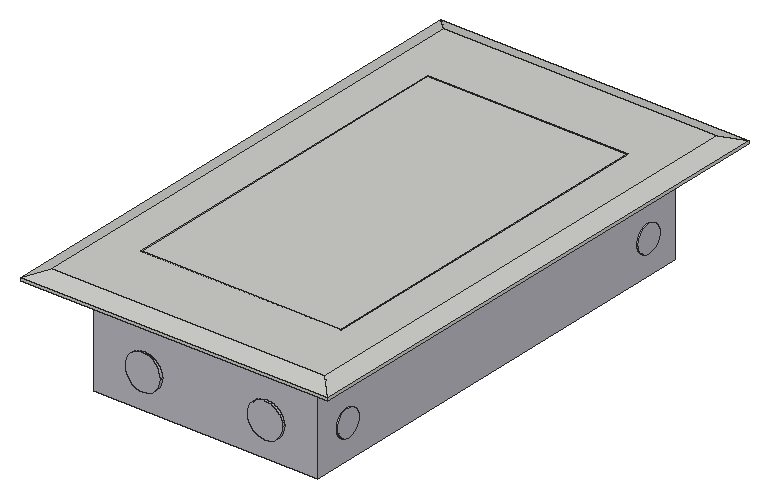
Revit family "Electrical_Equipment-Floor_Box-Hubbell_Wiring-2_Gang_AFB_Shallow-AFB2G25", category Electrical Fixtures, host Face, Revit 2015
Parameters (values of type "AFB2G25")
  URL = "http://www.hubbell-wiring.com/"
  Product data url = "https://bimobject.com/hubbellwiring/product/hubbell-afb2g25"
  Product Page URL = "http://ecatalog.hubbell-wiring.com/productinformation/viewcatalog.aspx?Dest=hubbell-wiring.com/press/catalog/O.pdf"
  Product Documentation Link = "http://www.hubbell-wiring.com/DrawingLibrary.aspx/"
  Model = "AFB2G25"  # constant formula
  Manufacturer = "Hubbell-Wiring"  # constant formula
  Device Plate 2 [instance] = Device Plate : FBMP139 - Simplex / 20A - 1.39" circular opening
  Device Plate 1 [instance] = Device Plate : FBMP15IM - Two 1.5U iStation opening
  Description = "2 Gang AFB Floor Box Shallow"  # constant formula
  Default Elevation = 0.00"
  Cover Type [instance] = 2AFBFF : 2GAFBFFCVRNK - Nickel
  Conduit Connector_9 Description = "Conduit 0.75in. or 0.5in. Connection"
  Conduit Connector_8 Description = "Conduit 0.75in. or 0.5in. Connection"
  Conduit Connector_7 Description = "Conduit 0.75in. or 0.5in. Connection"
  Conduit Connector_6 Description = "Conduit 0.75in. or 0.5in. Connection"
  Conduit Connector_5 Description = "Conduit 0.75in. or 0.5in. Connection"
  Conduit Connector_4 Description = "Conduit 1.0in. or 0.75in. Connection"
  Conduit Connector_3 Description = "Conduit 1.0in. or 0.75in. Connection"
  Conduit Connector_2 Description = "Conduit 1.0in. or 0.75in. Connection"
  Conduit Connector_10 Description = "Conduit 0.75in. or 0.5in. Connection"
  Conduit Connector_1 Description = "Conduit 1.0in. or 0.75in. Connection"
  Conduit Connector 2 Radius = 0.38"
  Conduit Connector 1 Radius = 0.50"
  Box Material = Metal - Hubbell - Steel
  Assembly Code = "D5020115"
Reference planes (in)
  plane 1 "Center (Front/Back)": y = 0
  plane 2: z = 0
  plane 3 "Center (Left/Right)": x = 0
  plane 4: y = -6.33661
  plane 5: y = 6.33661
  plane 6: x = -3.31
  plane 7: x = 3.31
  plane 8: z = -0.125
  plane 9: z = -2.8189
  plane 10: y = -7.03937
  plane 11: y = 7.03937
  plane 12: x = -2.34646
  plane 13: x = 2.34646
  plane 14: z = -0.02657
  plane 15: z = 0.06299
  plane 16: y = 6.27362
  plane 17: z = 0.06299
  plane 18: x = -3.185
  plane 19: x = 3.185
  plane 20: x = -3.04134
  plane 21: x = 3.04134
  plane 22: y = 5.27953
  plane 23: y = -5.27953
  plane 24: z = -0.07373
  plane 25: y = 6.00591
  plane 26: y = -6.00591
  plane 27: z = -2.6939
  plane 28: y = -6.39911
  plane 29: y = 6.39911
  plane 30: x = -1.7352
  plane 31: z = -1.8189
  plane 32: x = 1.7352
  plane 33: x = -1.7352
  plane 34: z = -1.8189
  plane 35: x = 1.7352
  plane 36: y = 5.33661
  plane 37: y = -5.33661
  plane 38: z = -1.8189
  plane 39: y = 5.24
  plane 40: y = -5.24
  plane 41: z = -2.8814
  plane 42: x = -3.185
  plane 43: x = 3.185
  plane 44: x = -3.2475
  plane 45: x = 3.2475
  plane 46: y = 5.33661
  plane 47: y = -5.33661
  plane 48: z = -1.8189
  plane 49: y = 6.27362
  plane 50: y = -6.27362
Forms (in)
  Extrusion 1, void, detail levels fine
    sketch origin (0, 0, 0) x (1, 0, 0) y (0, 1, 0)
      loop
        line (-3.31, 6.33661) -> (-3.31, -6.33661) -> (3.31, -6.33661) -> (3.31, 6.33661) -> (-3.31, 6.33661)
    from 0 to -2.8189
  Extrusion 2, solid, material "Metal - Hubbell - Steel" <- "Box Material"
    sketch origin (0, 0, 0) x (1, 0, 0) y (0, 1, 0)
      loop
        line (-3.185, 6.33661) -> (-3.185, -6.33661) -> (3.185, -6.33661) -> (3.185, 6.33661) -> (-3.185, 6.33661)
    from -0.125 to -2.8189
  Extrusion 3, solid, material "Metal - Hubbell - Steel" <- "Box Material"
    sketch origin (0, 0, 0) x (1, 0, 0) y (0, 1, 0)
      loop
        line (-3.31, 6.27362) -> (-3.31, -6.27362) -> (3.31, -6.27362) -> (3.31, 6.27362) -> (-3.31, 6.27362)
    from -0.125 to -0.02657
  Extrusion 4, solid, material "Metal - Hubbell - Steel" <- "Box Material"
    sketch origin (0, 0, 0) x (0, 1, 0) y (0, 0, 1)
      loop
        line (7.03937, 0.06299) -> (6.27362, 0.06299) -> (6.27362, -0.125) -> (6.33661, -0.125) -> (6.33661, 0) -> (7.03937, 0) -> (7.03937, 0.06299)
    from -2.34646 to 2.34646
  Extrusion 5, solid, material "Metal - Hubbell - Steel" <- "Box Material"
    sketch origin (0, 0, 0) x (0, -1, 0) y (0, 0, -1)
      loop
        line (7.03937, -0.06299) -> (7.03937, 0) -> (6.33661, 0) -> (6.33661, 0.125) -> (6.27362, 0.125) -> (6.27362, -0.06299) -> (7.03937, -0.06299)
    from -2.34646 to 2.34646
  Extrusion 6, void
    sketch origin (0, 0, 0) x (1, 0, 0) y (0, 1, 0)
      loop
        line (-3.04134, 5.27953) -> (-3.04134, -5.27953) -> (3.04134, -5.27953) -> (3.04134, 5.27953) -> (-3.04134, 5.27953)
    from 0 to -0.07373
  Extrusion 7, void
    sketch origin (0, 0, 0) x (1, 0, 0) y (0, 1, 0)
      loop
        circle (0, 0) r 0.98425
    from 0 to -0.125
  Extrusion 8, void
    sketch origin (-20.33156, -180, -0.125) x (0, -1, 0) y (-1, 0, 0)
      loop
        line (-186.00591, -17.29023) -> (-186.00591, -23.3729) -> (-173.99409, -23.3729) -> (-173.99409, -17.29023) -> (-186.00591, -17.29023)
    from -0.125 to 2.5689
  Extrusion 9, solid, material "Metal - Hubbell - Steel" <- "Box Material", detail levels medium+fine
    sketch origin (-6.04568, -6.33661, 48) x (-1, 0, 0) y (0, 0, 1)
      loop
        circle (-4.31048, -49.8189) r 0.5
      loop
        circle (-7.78088, -49.8189) r 0.5
    from 0 to -0.0625
  Extrusion 10, solid, material "Metal - Hubbell - Steel" <- "Box Material", detail levels medium+fine
    sketch origin (-6.04568, 6.33661, 48) x (-1, 0, 0) y (0, 0, -1)
      loop
        circle (-4.31048, 49.8189) r 0.5
      loop
        circle (-7.78088, 49.8189) r 0.5
    from 0 to -0.0625
  Extrusion 11, solid, material "Metal - Hubbell - Steel" <- "Box Material", detail levels medium+fine
    sketch origin (3.185, 2.078, 45.5078) x (0, -1, 0) y (0, 0, -1)
      loop
        circle (-3.25862, 47.3267) r 0.38
      loop
        circle (7.41461, 47.3267) r 0.38
    from 0 to 0.0625
  Extrusion 12, solid, material "Metal - Hubbell - Steel" <- "Box Material", detail levels medium+fine
    sketch origin (-20.33156, -180, -2.8189) x (-1, 0, 0) y (0, -1, 0)
      loop
        circle (-20.33156, -185.24) r 0.38
      loop
        circle (-20.33156, -174.76) r 0.38
    from 0 to -0.0625
  Extrusion 13, solid, material "Metal - Hubbell - Steel" <- "Box Material", detail levels medium+fine
    sketch origin (-3.185, 2.078, 45.5078) x (0, -1, 0) y (0, 0, 1)
      loop
        circle (-3.25862, -47.3267) r 0.38
      loop
        circle (7.41461, -47.3267) r 0.38
    from 0 to 0.0625
Cuts and joins
  Extrusion 6, Extrusion 7 cuts Extrusion 3
  Extrusion 8 cuts Extrusion 2
Lines and regions (in)
  reference lines
    curve 1: arc (0.98425, 0, 0) -> (0, 0.98425, 0) -> (-0.98425, 0, 0) r 0.98425
    curve 2: arc (-0.98425, 0, 0) -> (0, -0.98425, 0) -> (0.98425, 0, 0) r 0.98425
  symbolic lines
    curve 3: line (-3.185, 0, -2.8189) -> (-3.185, 0, -0.125)
    curve 4: line (3.185, 0, -2.8189) -> (-3.185, 0, -2.8189)
    curve 5: line (3.185, 0, -0.125) -> (3.185, 0, -2.8189)
    curve 6: line (0, 6.33661, 0) -> (0, -6.33661, 0)
    curve 7: line (0, 6.33661, -2.8189) -> (0, 6.33661, 0)
    curve 8: line (0, -6.33661, -2.8189) -> (0, 6.33661, -2.8189)
    curve 9: line (0, -6.33661, 0) -> (0, -6.33661, -2.8189)
    curve 10: line (-3.31, 0, 0) -> (3.31, 0, 0)
    curve 11: line (-3.31, 0, -0.125) -> (-3.31, 0, 0)
    curve 12: line (3.31, 0, -0.125) -> (3.185, 0, -0.125)
    curve 13: line (3.31, 0, 0) -> (3.31, 0, -0.125)
    curve 14: line (-3.185, 0, -0.125) -> (-3.31, 0, -0.125)
Dimensions and locks (in)
  equal spacing: plane 4, plane 1 "Center (Front/Back)", plane 5
  locked: plane 4 to plane 5 at 12.67323
  equal spacing: plane 6, plane 3 "Center (Left/Right)", plane 7
  locked: plane 6 to plane 7 at 6.62
  plane 2 to plane 8 = 0.125"
  locked: plane 2 to plane 9 at 2.8189
  equal spacing: plane 10, plane 1 "Center (Front/Back)", plane 11
  locked: plane 10 to plane 11 at 14.07874
  equal spacing: plane 12, plane 3 "Center (Left/Right)", plane 13
  locked: plane 12 to plane 13 at 4.69291
  locked: plane 14 to plane 8 at 0.09843
  equal spacing: plane 18, plane 3 "Center (Left/Right)", plane 19
  locked: plane 18 to plane 19 at 6.37
  equal spacing: plane 20, plane 3 "Center (Left/Right)", plane 21
  locked: plane 20 to plane 21 at 6.08268
  equal spacing: plane 23, plane 1 "Center (Front/Back)", plane 22
  locked: plane 23 to plane 22 at 10.55906
  locked: plane 2 to plane 24 at 0.07373
  equal spacing: plane 26, plane 1 "Center (Front/Back)", plane 25
  locked: plane 26 to plane 25 at 12.01181
  locked: plane 27 to plane 9 at 0.125
  locked: plane 4 to plane 28 at 0.0625
  locked: plane 29 to plane 5 at 0.0625
  locked: plane 30 to plane 6 at 1.5748
  locked: plane 32 to plane 7 at 1.5748
  locked: plane 31 to plane 9 at 1
  locked: plane 34 to plane 9 at 1
  locked: plane 7 to plane 35 at 1.5748
  locked: plane 6 to Extrusion 10 sketch curve at 1.5748
  locked: plane 5 to plane 36 at 1
  locked: plane 37 to plane 4 at 1
  equal spacing: plane 39, plane 1 "Center (Front/Back)", plane 40
  plane 39 to plane 40 = 10.48"
  locked: plane 9 to plane 41 at 0.0625
  locked: plane 6 to plane 42 at 0.125
  locked: plane 7 to plane 43 at 0.125
  locked: plane 44 to plane 42 at 0.0625
  locked: plane 45 to plane 43 at 0.0625
  locked: plane 48 to plane 9 at 1
  locked: plane 47 to plane 4 at 1
  locked: plane 5 to plane 46 at 1
  "Conduit Connector 1 Radius": radius of Extrusion 9 sketch curve  (x2)
  "Conduit Connector 1 Radius": radius of Extrusion 10 sketch curve  (x2)
  "Conduit Connector 2 Radius": radius of Extrusion 11 sketch curve  (x2)
  "Conduit Connector 2 Radius": radius of Extrusion 12 sketch curve  (x2)
  "Conduit Connector 2 Radius": radius of Extrusion 13 sketch curve  (x2)
  aligned and locked: plane 2 to host face
  aligned and locked: level to host face
  aligned: level to Extrusion 1
  aligned and locked: host face to Extrusion 1
  aligned and locked: Extrusion 1 to plane 5
  aligned and locked: Extrusion 1 to plane 4
  aligned and locked: plane 6 to Extrusion 1
  aligned and locked: plane 7 to Extrusion 1
  aligned and locked: plane 8 to Extrusion 2
  aligned and locked: Extrusion 2 to plane 9
  aligned and locked: Extrusion 3 to Extrusion 2
  aligned and locked: plane 14 to Extrusion 3
  aligned and locked: plane 5 to Extrusion 4 sketch curve
  aligned and locked: plane 2 to Extrusion 4 sketch curve
  aligned and locked: Extrusion 4 to plane 11
  aligned and locked: plane 15 to Extrusion 4 sketch curve
  aligned and locked: plane 12 to Extrusion 4
  aligned and locked: plane 13 to Extrusion 4
  aligned and locked: Extrusion 5 sketch curve to plane 17
  aligned and locked: Extrusion 5 sketch curve to plane 2
  aligned and locked: Extrusion 5 sketch curve to plane 4
  aligned and locked: Extrusion 5 sketch curve to plane 10
  aligned and locked: Extrusion 1 to Extrusion 2
  aligned and locked: Extrusion 5 sketch curve to plane 8
  aligned and locked: Extrusion 4 to Extrusion 2
  aligned and locked: plane 19 to Extrusion 2 sketch curve
  aligned and locked: plane 18 to Extrusion 2 sketch curve
  aligned and locked: plane 6 to Extrusion 3
  aligned and locked: plane 7 to Extrusion 3
  aligned and locked: plane 5 to Extrusion 2 sketch curve
  aligned and locked: plane 4 to Extrusion 2 sketch curve
  aligned and locked: plane 12 to Extrusion 5
  aligned and locked: plane 13 to Extrusion 5
  aligned and locked: plane 22 to Extrusion 6 sketch curve
  aligned and locked: plane 23 to Extrusion 6 sketch curve
  aligned and locked: cut or joined group of Extrusion 3, Extrusion 6, Extrusion 7 to plane 24
  aligned and locked: Extrusion 7 to plane 8
  aligned and locked: plane 25 to Extrusion 8 sketch curve
  aligned and locked: Extrusion 8 sketch curve to plane 20
  aligned and locked: plane 26 to Extrusion 8 sketch curve
  aligned and locked: Extrusion 8 sketch curve to plane 21
  aligned and locked: cut or joined group of Extrusion 2, Extrusion 8 to plane 27
  aligned and locked: plane 4 to Extrusion 9
  aligned and locked: Extrusion 9 to plane 28
  aligned and locked: curve 1 to cut or joined group of Extrusion 3, Extrusion 6, Extrusion 7
  aligned and locked: curve 2 to cut or joined group of Extrusion 3, Extrusion 6, Extrusion 7
  aligned and locked: level to Extrusion 7
  aligned and locked: plane 30 to Extrusion 9 sketch curve
  aligned and locked: plane 31 to Extrusion 9 sketch curve  (x2)
  aligned and locked: plane 32 to Extrusion 9 sketch curve
  aligned and locked: Extrusion 10 sketch curve to plane 34  (x2)
  aligned and locked: plane 35 to Extrusion 10 sketch curve
  aligned and locked: plane 5 to Extrusion 10
  aligned and locked: Extrusion 10 to plane 29
  aligned and locked: plane 37 to Extrusion 11 sketch curve
  aligned and locked: Extrusion 11 sketch curve to plane 38  (x2)
  aligned and locked: Extrusion 5 to plane 10
  aligned and locked: plane 3 "Center (Left/Right)" to Extrusion 12 sketch curve  (x2)
  aligned and locked: plane 39 to Extrusion 12 sketch curve
  aligned and locked: plane 40 to Extrusion 12 sketch curve
  aligned and locked: Extrusion 12 to plane 41
  aligned and locked: plane 9 to curve 4
  aligned and locked: curve 8 to plane 9
  aligned and locked: curve 9 to plane 4
  aligned and locked: curve 5 to plane 43
  aligned and locked: curve 3 to plane 42
  aligned and locked: curve 10 to plane 2
  aligned and locked: Extrusion 11 to cut or joined group of Extrusion 2, Extrusion 8
  aligned and locked: plane 45 to Extrusion 11
  aligned and locked: Extrusion 13 sketch curve to plane 47
  aligned and locked: plane 48 to Extrusion 13 sketch curve  (x2)
  aligned and locked: Extrusion 13 to cut or joined group of Extrusion 2, Extrusion 8
  aligned and locked: plane 44 to Extrusion 13
  aligned and locked: Extrusion 6 sketch curve to plane 20
  aligned and locked: Extrusion 6 sketch curve to plane 21
  aligned and locked: nested 1 to plane 3 "Center (Left/Right)"
  aligned and locked: nested 1 to plane 1 "Center (Front/Back)"
  aligned and locked: curve 11 to plane 6
  aligned and locked: plane 8 to curve 14
  aligned and locked: plane 49 to Extrusion 4
  aligned and locked: plane 49 to Extrusion 3 sketch curve
  aligned and locked: plane 50 to Extrusion 3 sketch curve
  aligned and locked: plane 50 to Extrusion 5 sketch curve
  aligned and locked: plane 2 to Extrusion 6
  aligned and locked: plane 2 to Extrusion 8
  aligned and locked: plane 9 to Extrusion 12
Automatic sketch dimensions
  host sketch curve to host sketch curve = 96.00"  (x2)
  Extrusion 1 sketch curve to plane 4 = 0.00"
  Extrusion 1 sketch curve to plane 6 = 0.00"
  Extrusion 1 sketch curve to plane 7 = 0.00"
  plane 5 to Extrusion 1 sketch curve = 0.00"
  Extrusion 4 sketch curve to plane 16 = 0.00"
  Extrusion 4 sketch curve to plane 11 = 0.00"
  Extrusion 4 sketch curve to plane 8 = 0.00"
  plane 1 "Center (Front/Back)" to Extrusion 7 sketch curve = 0.00"
  Extrusion 7 sketch curve to plane 3 "Center (Left/Right)" = 0.00"
  curve 1 to curve 2 = 0.00"  (x2)
  plane 1 "Center (Front/Back)" to curve 2 = 0.00"
  curve 2 to plane 3 "Center (Left/Right)" = 0.00"
  curve 1 to curve 1 = 0.98425"
  Extrusion 3 sketch curve to plane 7 = 0.00"
  Extrusion 3 sketch curve to plane 6 = 0.00"
  curve 13 to plane 7 = 0.00"
  curve 5 to plane 8 = 0.00"
  curve 8 to plane 5 = 0.00"
  curve 7 to level = 0.00"
  Extrusion 11 sketch curve to plane 36 = 0.00"
  Extrusion 13 sketch curve to plane 46 = 0.00"
  radius of Extrusion 7 sketch curve = 0.98425"
Nested families (in)
  nested 1: "2AFBFF" at (0, 0, 0.06299) x (-1, 0, 0) z (0, 0, 1), type <- "Cover Type", type "2GAFBFFCVRNK - Nickel"
Connectors (in)
  cabletrayconduit at (-1.7352, -6.39911, -1.8189), diameter 1, driven by "Conduit Connector 1 Radius", driven by "Conduit Connector_1 Description"
    settings: on Extrusion 9, index 1, connector width 12.00", connector height 12.00", connector angle 0.00°, system type 32, placement type 0, profile type 0, connector reference index -1, is primary connector yes, connector utility param no, connector description "Conduit 1.0in. or 0.75in. Connection"
  cabletrayconduit at (1.7352, -6.39911, -1.8189), diameter 1, driven by "Conduit Connector 1 Radius", driven by "Conduit Connector_2 Description"
    settings: on Extrusion 9, index 2, connector width 12.00", connector height 12.00", connector angle 0.00°, system type 32, placement type 0, profile type 0, connector reference index -1, is primary connector no, connector utility param no, connector description "Conduit 1.0in. or 0.75in. Connection"
  cabletrayconduit at (1.7352, 6.39911, -1.8189), diameter 1, driven by "Conduit Connector 1 Radius", driven by "Conduit Connector_3 Description"
    settings: on Extrusion 10, index 3, connector width 12.00", connector height 12.00", connector angle 0.00°, system type 32, placement type 0, profile type 0, connector reference index -1, is primary connector no, connector utility param no, connector description "Conduit 1.0in. or 0.75in. Connection"
  cabletrayconduit at (-1.7352, 6.39911, -1.8189), diameter 1, driven by "Conduit Connector 1 Radius", driven by "Conduit Connector_4 Description"
    settings: on Extrusion 10, index 4, connector width 12.00", connector height 12.00", connector angle 0.00°, system type 32, placement type 0, profile type 0, connector reference index -1, is primary connector no, connector utility param no, connector description "Conduit 1.0in. or 0.75in. Connection"
  cabletrayconduit at (3.2475, -5.33661, -1.8189), diameter 0.76, driven by "Conduit Connector 2 Radius", driven by "Conduit Connector_5 Description"
    settings: on Extrusion 11, index 5, connector width 12.00", connector height 12.00", connector angle 0.00°, system type 32, placement type 0, profile type 0, connector reference index -1, is primary connector no, connector utility param no, connector description "Conduit 0.75in. or 0.5in. Connection"
  cabletrayconduit at (3.2475, 5.33661, -1.8189), diameter 0.76, driven by "Conduit Connector 2 Radius", driven by "Conduit Connector_6 Description"
    settings: on Extrusion 11, index 6, connector width 12.00", connector height 12.00", connector angle 0.00°, system type 32, placement type 0, profile type 0, connector reference index -1, is primary connector no, connector utility param no, connector description "Conduit 0.75in. or 0.5in. Connection"
  cabletrayconduit at (-3.2475, -5.33661, -1.8189), diameter 0.76, driven by "Conduit Connector 2 Radius", driven by "Conduit Connector_7 Description"
    settings: on Extrusion 13, index 7, connector width 12.00", connector height 12.00", connector angle 0.00°, system type 32, placement type 0, profile type 0, connector reference index -1, is primary connector no, connector utility param no, connector description "Conduit 0.75in. or 0.5in. Connection"
  cabletrayconduit at (-3.2475, 5.33661, -1.8189), diameter 0.76, driven by "Conduit Connector 2 Radius", driven by "Conduit Connector_8 Description"
    settings: on Extrusion 13, index 8, connector width 12.00", connector height 12.00", connector angle 0.00°, system type 32, placement type 0, profile type 0, connector reference index -1, is primary connector no, connector utility param no, connector description "Conduit 0.75in. or 0.5in. Connection"
  cabletrayconduit at (0, -5.24, -2.8814), diameter 0.76, driven by "Conduit Connector_9 Description", driven by "Conduit Connector 2 Radius"
    settings: on Extrusion 12, index 9, connector width 12.00", connector height 12.00", connector angle 0.00°, system type 32, placement type 0, profile type 0, connector reference index -1, is primary connector no, connector utility param no, connector description "Conduit 0.75in. or 0.5in. Connection"
  cabletrayconduit at (0, 5.24, -2.8814), diameter 0.76, driven by "Conduit Connector_10 Description", driven by "Conduit Connector 2 Radius"
    settings: on Extrusion 12, index 10, connector width 12.00", connector height 12.00", connector angle 0.00°, system type 32, placement type 0, profile type 0, connector reference index -1, is primary connector no, connector utility param no, connector description "Conduit 0.75in. or 0.5in. Connection"
Definition of nested family "2AFBFF"
  Parameters
    URL = "http://www.hubbell-wiring.com/"
    Product Page URL = ""
    Product Documentation Link = ""
    Model = "2GAFBFFCVRALU"
    Manufacturer = "Hubbell-Wiring"  # constant formula
    Description = "2 Gang Furniture Feed AFB"  # constant formula
    Default Elevation = 0.00"
    Cover Material = none
    Assembly Code = "D5020115"
  Reference planes (in)
    plane 1 "Center (Front/Back)": y = 0
    plane 2: z = 0
    plane 3 "Center (Left/Right)": x = 0
    plane 4: x = -2.84
    plane 5: x = 2.84
    plane 6: y = 5.08
    plane 7: y = -5.08
    plane 8: z = 0.24
    plane 9: x = 4.37
    plane 10: x = -4.37
    plane 11: y = 7.46
    plane 12: y = -7.46
    plane 13: x = -2.715
    plane 14: x = 2.715
    plane 15: y = 4.955
    plane 16: y = -4.955
    plane 17: z = -0.25
    plane 18: x = -3.87
    plane 19: x = 3.87
    plane 20: y = 6.96
    plane 21: y = -6.96
  Forms (in)
    Extrusion 1, solid
      sketch origin (0, 0, 0) x (1, 0, 0) y (0, 1, 0)
        loop
          line (-48, 48) -> (-48, -48) -> (48, -48) -> (48, 48) -> (-48, 48)
      from 0 to -12
    Extrusion 2, solid, material <- "Cover Material"
      sketch origin (0, 0, 0) x (1, 0, 0) y (0, 1, 0)
        loop
          line (-2.84, 5.08) -> (-2.84, -5.08) -> (2.84, -5.08) -> (2.84, 5.08) -> (-2.84, 5.08)
      from 0 to 0.24
    Extrusion 3, solid, material <- "Cover Material"
      sketch origin (0, 0, 0) x (1, 0, 0) y (0, 1, 0)
        loop
          line (-2.84, 5.08) -> (-2.84, -5.08) -> (2.84, -5.08) -> (2.84, 5.08) -> (-2.84, 5.08)
        loop
          line (-3.87, 6.96) -> (-3.87, -6.96) -> (3.87, -6.96) -> (3.87, 6.96) -> (-3.87, 6.96)
      from 0 to 0.24
    Extrusion 4, solid, material <- "Cover Material"
      sketch origin (0, 0, 0) x (1, 0, 0) y (0, 1, 0)
        loop
          line (-2.84, 5.08) -> (-2.84, -5.08) -> (2.84, -5.08) -> (2.84, 5.08) -> (-2.84, 5.08)
        loop
          line (-2.715, 4.955) -> (-2.715, -4.955) -> (2.715, -4.955) -> (2.715, 4.955) -> (-2.715, 4.955)
      from 0 to -0.25
    Sweep 5, solid, material <- "Cover Material"
      path origin (0, 0, 0) x (1, 0, 0) y (0, 1, 0)
        loop
          line (-4.37, 7.46) -> (-4.37, -7.46) -> (4.37, -7.46) -> (4.37, 7.46) -> (-4.37, 7.46)
      profile origin (-4.37, 0, 0) x (-1, 0, 0) y (0, 0, 1)
        loop
          line (0, 0) -> (0, 0.07409) -> (-0.5, 0.24) -> (-0.5, 0) -> (0, 0)
  Cuts and joins
    joined: Extrusion 3, Sweep 5
  Lines and regions (in)
    reference lines
      curve 1: circle (0, 1.33324, 0) r 1 normal (0, 0, 1)
      curve 2: line (-0.99875, 1.38324, 0) -> (0.99875, 1.38324, 0)
      curve 3: line (-0.99875, 1.28324, 0) -> (0.99875, 1.28324, 0)
      curve 4: circle (0, -2.40315, 0) r 0.5 normal (0, 0, 1)
      curve 5: circle (0, -2.40315, 0) r 0.375 normal (0, 0, 1)
      curve 11: line (0.18688, -2.07803, 0) -> (-0.25159, -2.68123, 0)
      curve 12: line (0.25159, -2.12507, 0) -> (-0.18688, -2.72827, 0)
      curve 44: line (-3.47385, 0, 0.37145) -> (-4.78257, 0, -0.06281)
      curve 46: line (4.53037, 0, 0.02087) -> (3.55522, 0, 0.34445)
      curve 48: line (0, 7.61385, 0.02304) -> (0, 6.68504, 0.33124)
      curve 49: line (0, -6.68682, 0.33065) -> (0, -7.61458, 0.02279)
    model lines, detail levels medium+fine
      curve 6: circle (0, 1.33324, 0.24) r 1 normal (0, 0, 1)
      curve 7: line (-0.99875, 1.38324, 0.24) -> (0.99875, 1.38324, 0.24)
      curve 8: line (-0.99875, 1.28324, 0.24) -> (0.99875, 1.28324, 0.24)
      curve 9: circle (0, -2.40315, 0.24) r 0.5 normal (0, 0, 1)
      curve 10: circle (0, -2.40315, 0.24) r 0.375 normal (0, 0, 1)
      curve 13: line (0.18688, -2.07803, 0.24) -> (-0.25159, -2.68123, 0.24)
      curve 14: line (0.25159, -2.12507, 0.24) -> (-0.18688, -2.72827, 0.24)
    symbolic lines
      curve 15: line (-4.37, 7.46, 0) -> (4.37, 7.46, 0)
      curve 16: line (-4.37, -7.46, 0) -> (-4.37, 7.46, 0)
      curve 17: line (4.37, -7.46, 0) -> (-4.37, -7.46, 0)
      curve 18: line (4.37, 7.46, 0) -> (4.37, -7.46, 0)
      curve 30: line (-3.87, 0, 0.24) -> (3.87, 0, 0.24)
      curve 31: line (-4.37, 0, 0) -> (-4.37, 0, 0.07409)
      curve 32: line (4.37, 0, 0) -> (-4.37, 0, 0)
      curve 33: line (4.37, 0, 0.07409) -> (4.37, 0, 0)
      curve 34: line (2.84, 0, -0.25) -> (-2.84, 0, -0.25)
      curve 35: line (2.84, 0, 0) -> (2.84, 0, -0.25)
      curve 36: line (-2.84, 0, -0.25) -> (-2.84, 0, 0)
      curve 37: line (0, 6.96, 0.24) -> (0, -6.96, 0.24)
      curve 38: line (0, 7.46, 0) -> (0, 7.46, 0.07409)
      curve 39: line (0, -7.46, 0) -> (0, 7.46, 0)
      curve 40: line (0, -7.46, 0.07409) -> (0, -7.46, 0)
      curve 41: line (0, 5.08, -0.25) -> (0, 5.08, 0)
      curve 42: line (0, -5.08, -0.25) -> (0, 5.08, -0.25)
      curve 43: line (0, -5.08, 0) -> (0, -5.08, -0.25)
      curve 45: line (-3.87, 0, 0.24) -> (-4.37, 0, 0.07409)
      curve 47: line (4.37, 0, 0.07409) -> (3.87, 0, 0.24)
      curve 50: line (0, -6.96, 0.24) -> (0, -7.46, 0.07409)
      curve 51: line (0, 7.46, 0.07409) -> (0, 6.96, 0.24)
    symbolic lines, detail levels medium+fine
      curve 19: line (-2.84, 5.08, 0) -> (2.84, 5.08, 0)
      curve 20: line (-2.84, -5.08, 0) -> (-2.84, 5.08, 0)
      curve 21: line (2.84, -5.08, 0) -> (-2.84, -5.08, 0)
      curve 22: line (2.84, 5.08, 0) -> (2.84, -5.08, 0)
      curve 23: circle (0, 1.33324, 0) r 1 normal (0, 0, 1)
      curve 24: line (-0.99875, 1.28324, 0) -> (0.99875, 1.28324, 0)
      curve 25: line (-0.99875, 1.38324, 0) -> (0.99875, 1.38324, 0)
      curve 26: circle (0, -2.40315, 0) r 0.5 normal (0, 0, 1)
      curve 27: circle (0, -2.40315, 0) r 0.375 normal (0, 0, 1)
      curve 28: line (0.25159, -2.12507, 0) -> (-0.18688, -2.72827, 0)
      curve 29: line (0.18688, -2.07803, 0) -> (-0.25159, -2.68123, 0)
  Dimensions and locks (in)
    equal spacing: plane 4, plane 3 "Center (Left/Right)", plane 5
    locked: plane 4 to plane 5 at 5.68
    equal spacing: plane 7, plane 1 "Center (Front/Back)", plane 6
    locked: plane 7 to plane 6 at 10.16
    locked: plane 8 to plane 2 at 0.24
    equal spacing: plane 10, plane 3 "Center (Left/Right)", plane 9
    locked: plane 10 to plane 9 at 8.74
    equal spacing: plane 12, plane 1 "Center (Front/Back)", plane 11
    locked: plane 11 to plane 12 at 14.92
    locked: plane 4 to plane 13 at 0.125
    locked: plane 14 to plane 5 at 0.125
    locked: plane 15 to plane 6 at 0.125
    locked: plane 16 to plane 7 at 0.125
    locked: plane 2 to plane 17 at 0.25
    locked: plane 10 to plane 18 at 0.5
    locked: plane 19 to plane 9 at 0.5
    locked: plane 20 to plane 11 at 0.5
    locked: plane 21 to plane 12 at 0.5
    aligned and locked: plane 2 to Extrusion 1
    aligned and locked: level to Extrusion 1
    aligned and locked: plane 6 to Extrusion 2 sketch curve
    aligned and locked: Extrusion 2 sketch curve to plane 4
    aligned and locked: plane 7 to Extrusion 2 sketch curve
    aligned and locked: Extrusion 2 sketch curve to plane 5
    aligned and locked: plane 8 to Extrusion 2
    aligned and locked: Extrusion 3 sketch curve to Extrusion 2  (x4)
    aligned and locked: plane 8 to Extrusion 3
    aligned and locked: Extrusion 3 to plane 2
    aligned and locked: Extrusion 2 to plane 2
    aligned and locked: Extrusion 4 sketch curve to Extrusion 2  (x4)
    aligned and locked: plane 15 to Extrusion 4 sketch curve
    aligned and locked: Extrusion 4 sketch curve to plane 13
    aligned and locked: plane 16 to Extrusion 4 sketch curve
    aligned and locked: Extrusion 4 sketch curve to plane 14
    aligned and locked: Extrusion 4 to plane 17
    aligned and locked: plane 2 to Extrusion 4
    aligned and locked: curve 6 to curve 1
    aligned and locked: curve 2 to curve 7
    aligned and locked: curve 3 to curve 8
    aligned and locked: curve 9 to curve 4
    aligned and locked: curve 10 to curve 5
    aligned and locked: curve 13 to curve 11
    aligned and locked: curve 14 to curve 12
    aligned and locked: plane 11 to curve 15
    aligned and locked: curve 16 to plane 10
    aligned and locked: plane 12 to curve 17
    aligned and locked: curve 18 to plane 9
    aligned and locked: curve 19 to Extrusion 2
    aligned and locked: curve 20 to Extrusion 2
    aligned and locked: curve 21 to Extrusion 2
    aligned and locked: curve 22 to Extrusion 2
    aligned and locked: curve 23 to curve 6
    aligned and locked: curve 24 to curve 8
    aligned and locked: curve 25 to curve 7
    aligned and locked: curve 26 to curve 9
    aligned and locked: curve 27 to curve 10
    aligned and locked: curve 28 to curve 14
    aligned and locked: curve 29 to curve 13
    aligned and locked: curve 35 to Extrusion 4
    aligned and locked: curve 41 to Extrusion 4
    aligned and locked: curve 42 to Extrusion 4
    aligned and locked: Extrusion 4 to curve 43
    aligned and locked: plane 20 to Extrusion 3 sketch curve
    aligned and locked: Extrusion 3 sketch curve to plane 19
    aligned and locked: plane 21 to Extrusion 3 sketch curve
    aligned and locked: Extrusion 3 sketch curve to plane 18
    aligned and locked: plane 2 to Sweep 5 sketch curve
    aligned and locked: Sweep 5 sketch curve to plane 10
    aligned and locked: plane 18 to Sweep 5 sketch curve
    aligned and locked: Sweep 5 sketch curve to curve 44
    aligned and locked: curve 30 to plane 8
    aligned and locked: curve 36 to plane 4
    aligned and locked: plane 17 to curve 34
    aligned and locked: curve 31 to plane 10
    aligned and locked: curve 33 to plane 9
    aligned and locked: curve 44 to curve 45
    aligned and locked: curve 46 to curve 47
    aligned and locked: curve 49 to curve 50
    aligned and locked: curve 48 to curve 51
    aligned and locked: plane 11 to curve 38
    aligned and locked: curve 37 to plane 8
    aligned and locked: plane 2 to curve 39
    aligned and locked: plane 12 to curve 40
  Automatic sketch dimensions
    Extrusion 1 sketch curve to Extrusion 1 sketch curve = 96.00"  (x2)
    curve 4 to curve 5 = 0.00"  (x2)
    curve 4 to plane 3 "Center (Left/Right)" = 0.00"
    curve 1 to plane 3 "Center (Left/Right)" = 0.00"
    curve 3 to plane 3 "Center (Left/Right)" = 0.99875"
    curve 2 to curve 3 = 0.00"
    curve 11 to curve 12 = 0.06471"  (x2)
    curve 3 to plane 1 "Center (Front/Back)" = 1.28324"
    curve 3 to curve 1 = 0.05"
    curve 11 to plane 3 "Center (Left/Right)" = 0.25159"
    plane 3 "Center (Left/Right)" to curve 11 = 0.18688"
    plane 1 "Center (Front/Back)" to curve 11 = 2.07803"
    curve 12 to curve 11 = 0.04704"
    Sweep 5 sketch curve to plane 9 = 0.00"
    plane 11 to Sweep 5 sketch curve = 0.00"
    Sweep 5 sketch curve to plane 10 = 0.00"
    Sweep 5 sketch curve to plane 12 = 0.00"
    curve 44 to level = 0.06281"
    plane 10 to curve 44 = 0.41257"
    plane 8 to curve 44 = 0.13145"
    curve 44 to plane 18 = 0.39615"
    plane 8 to curve 46 = 0.10445"
    curve 46 to plane 19 = 0.31478"
    level to curve 46 = 0.02087"
    plane 9 to curve 46 = 0.16037"
    curve 32 to level = 0.00"
    level to curve 49 = 0.02279"
    curve 49 to plane 12 = 0.15458"
    plane 8 to curve 49 = 0.09065"
    plane 21 to curve 49 = 0.27318"
    plane 8 to curve 48 = 0.09124"
    plane 20 to curve 48 = 0.27496"
    level to curve 48 = 0.02304"
    curve 48 to plane 11 = 0.15385"
    radius of curve 4 = 0.50"
